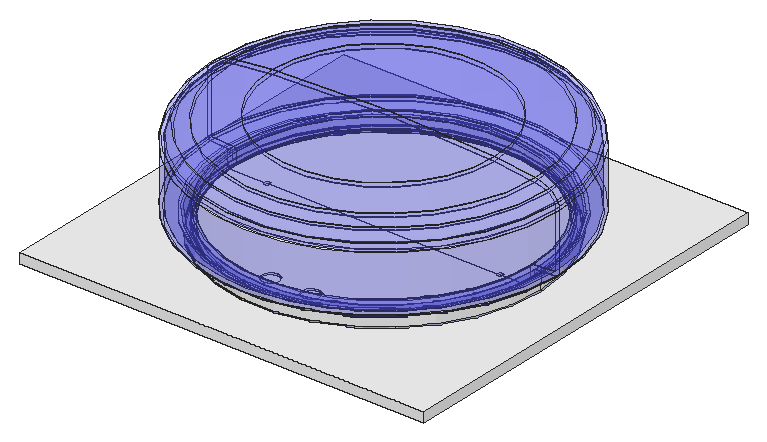
Revit family "BE_50042P_de_DE", category Leuchten, Revit 2020
Family settings
  Basisbauteil = Fläche
  Bemaßung runder Anschluss = Durchmesser verwenden
  Teiletyp = Normal
  Beim Laden mit Abzugskörper schneiden = Ja
  Lichtquelle = Ja
  Gemeinsam genutzt = Nein
  Raumberechnungspunkt = Ja
Parameters (values of type "BEGA_50042P_K3")
  built-in parameter 1150104 = 11.604 (stored number, unit not read)
  Wattage = 26.9 W
  Default Elevation = 0 mm
  built-in parameter 1150113 = 1 (stored number, unit not read)
  built-in parameter 1114218 = 1 (stored number, unit not read)
  Umgebungstemperatur = "25 °C"
  URL = "https://www.bega.com/de/produkt/50042P"
  Typenkommentare = "© 2022 BEGA. Wir behalten uns das Recht vor, technische Änderungen ohne vorherige Ankündigung vorzunehmen."  # constant formula
  built-in parameter 1150134 = (empty or 0)
  built-in parameter 1150109 = 1 (stored number, unit not read)
  Strom = ""
  built-in parameter 1150110 = 1 (stored number, unit not read)
  Spannung = 230 V
  Sonderanfertigung = no
  Seriennummer [instance] = "Hier können Sie die eindeutige Seriennummer für das Facility Management eintragen."
  Schutzklasse = "I"
  Schutzart = "IP 20"
  Scheinlast = 0 VA
  Produktdatenblatt = "http://www.bega.de/download/Xrfa/db/50042P.db.de.pdf"
  Oberflächentemperatur = ""
  Neigungswinkel = 0.00°
  Model = "50042PK2"
  Material_17 = BEGA_Reflektor
  Material_15 = BEGA_Leuchtmedium_matt
  Material_14 = BEGA_Kunststoff_opal
  Material_11 = BEGA_Glas_opal
  Material_09 = BEGA_Glas_klar
  Material_06 = BEGA_Oberfläche_Edelstahl_gebürstet
  Material_03 = BEGA_Oberfläche_Weiss_matt
  Material_02 = BEGA_Oberfläche_Silber_matt
  Material_01 [instance] = BEGA_Oberfläche_Grafit_matt
  M_W = no
  M_G = no
  M_A = no
  Logo = 0
  built-in parameter 1114217 = 1 (stored number, unit not read)
  built-in parameter 1150139 = (empty or 0)
  built-in parameter 1150105 = 839.66 (stored number, unit not read)
  built-in parameter 1150114 = 1 (stored number, unit not read)
  Lumens = 3359.81 lm
  built-in parameter 1150115 = 1 (stored number, unit not read)
  Leuchtenlichtstrom = "2863 lm"
  Leuchtenanzahl = ""
  Lebensdauerkriterien = "L70B50 @ 25 °C = 106000 h"
  Lastklassifizierung = Beleuchtung
  built-in parameter 1150112 = 1 (stored number, unit not read)
  Lampenlichtstrom = "3360 lm"
  Lamp = "LED 26.9 W"
  LED_Modulbezeichnung = "LED-0510/927"
  Hersteller = "BEGA"  # constant formula
  Halbstreuwinkel = ""
  Gewicht = "2.12 kg"
  Gebrauchslageneinschränkung [instance] = ""
  Frequenz = "50 Hz"
  Farbwiedergabeindex = "CRI > 90"
  Farbtemperaturverschiebung bei Dämpfen der Lampe = <Keine Auswahl>
  Farbtemperatur = "2700 K"
  Color Filter = 16777215
  built-in parameter 1150133 = 10 (stored number, unit not read)
  Energieeffizienzklasse = "LED A++ - A"
  built-in parameter 1150137 = (empty or 0)
  built-in parameter 1150132 = (empty or 0)
  ENEC = ""
  Dimmbar [instance] = ""
  Photometric Web File = "BE_50042PK2.IES"
  CE_Konformität = "ja"
  Bestellnummer = "50042PK2"
  Beschreibung_Sonderanfertigung = "Hier können Sie Informationen zur Sonderanfertigung eintragen."
  Beschreibung = "Decken- und Wandleuchte"
  built-in parameter 1150106 = 8.3966 (stored number, unit not read)
  Befestigungsbohrung = "Ø 5,5 mm"
  Befestigungsabstand = "230 mm"
  Ballwurfsicher = ""
  BEGA_Intern_aus = yes
  BEGA_Intern_an = yes
  BEGA_Intern_Konstruktion = yes
  BEGA_Intern = yes
  BEGA_IES = yes
  BEGA_Dummy = no
  Anschlussleitung = ""
  Anschlussleistung [instance] = "32.6 W"
  Anschlusskasten = ""
  built-in parameter 1150107 = 2700 (stored number, unit not read)
  built-in parameter 1150102 = (empty or 0)
  built-in parameter 1150138 = (empty or 0)
  Aktualisierung = "2020-05-11T04:00:10"
  Abstand_zur_angestrahlten_Fläche [instance] = ""
  AC/DC = "AC"
Types (3, lengths in mm): name | built-in parameter 1150104 | built-in parameter 1150134 | Model | built-in parameter 1150105 | Lumens | Leuchtenlichtstrom | Lampenlichtstrom | LED_Modulbezeichnung | Farbtemperatur | Photometric Web File | Bestellnummer | built-in parameter 1150106 | built-in parameter 1150107
  BEGA_50042P_K3 | 11.687 (stored number, unit not read) | (empty or 0) | "50042PK3" | 845.71 (stored number, unit not read) | 3384.02 lm | "3384 lm" | "3970 lm" | "LED-0510/930" | "3000 K" | "BE_50042PK3.IES" | "50042PK3" | 8.4571 (stored number, unit not read) | 3000 (stored number, unit not read)
  BEGA_50042P_K4 | 12.124 (stored number, unit not read) | 12 | "50042PK4" | 279.35 (stored number, unit not read) | 3510.45 lm | "3522 lm" | "4135 lm" | "LED-0510/940" | "4000 K" | "BE_50042PK4.IES" | "50042PK4" | 2.7935 (stored number, unit not read) | 4000 (stored number, unit not read)
  BEGA_50042P_K27 | 12.124 (stored number, unit not read) | 12 | "50042PK27" | 279.35 (stored number, unit not read) | 3510.45 lm | "3276 lm" | "3845 lm" | "LED-0510/927" | "2700 K" | "BE_50042PK27.IES" | "50042PK27" | 2.7935 (stored number, unit not read) | 4000 (stored number, unit not read)
Reference planes
  plane 1 "Mitte (Vorne/Hinten)": y = 0
  plane 2: z = 0
  plane 3 "Mitte (Links/Rechts)": x = 0
  plane 4 "Links": x = -174
  plane 5 "Rechts": x = 174
  plane 6 "Unten": y = -174
  plane 7 "Oben": y = 174
  plane 8 "Vorne": z = 109.9
  plane 9 "Hinten": z = 0
Forms (mm)
  Extrusion 1, solid, material "BEGA_Platte_Weiss"
    sketch origin (0, -1119.2, 0) x (1, 0, 0) y (0, 1, 0)
      loop
        line (-200, 1319.2) -> (-200, 919.2) -> (200, 919.2) -> (200, 1319.2) -> (-200, 1319.2)
    from 0 to -10
  Extrusion 2, solid, material "BEGA_Dummy_matt", visible <- "BEGA_Dummy"
    sketch origin (77.149, -76.023, 0) x (1, 0, 0) y (0, 1, 0)
      loop
        circle (-77.149, 76.023) r 174
    from 0 to 109.9
Dimensions and locks
  plane 1 "Mitte (Vorne/Hinten)" to Extrusion 1 = 200 mm
  aligned and locked: plane 2 to Extrusion 1
  aligned and locked: level to Extrusion 1
Nested families
  nested 1: "BE_50042P" at (0, 0, 0) x (0, -1, 0) z (0, 0, 1), type "BE_50042P"
Connectors
  electrical at (0, 0, 0), driven by "Lastklassifizierung", driven by "Spannung", driven by "Scheinlast"
    settings: index 1, voltage 230 V, apparent load 0 VA, apparent load phase1 0 VA, apparent load phase2 0 VA, apparent load phase3 0 VA, power factor 1, load classification "Beleuchtung", number of poles 1, system type 31, power factor state 1, is connector primary yes, connector utility no, sub classification motor no, connector description ""
Definition of nested family "BE_50042P"
  Parameters (values of type "BE_50042P")
    Default Elevation = 1 mm
    URL = "http://www.bega.de/de/produkt"
    Type Comments = "© 2015 BEGA. Wir behalten uns das Recht vor, technische Änderungen ohne vorherige Ankündigung vorzunehmen. "  # constant formula
    Type Image = (empty or 0)
    Neigungswinkel_um_Z2 = 0.00°
    Neigungswinkel_um_Z1 = 0.00°
    Neigungswinkel_um_Y2 = 0.00°
    Neigungswinkel_um_Y1 = 0.00°
    Neigungswinkel_um_X2 = 0.00°
    Neigungswinkel_um_X1 = 0.00°
    Material_17 = none
    Material_15 = none
    Material_14 = none
    Material_11 = none
    Material_09 = none
    Material_06 = none
    Material_05 = none
    Material_03 = none
    Material_02 = none
    Material_01 = none
    M_W = yes
    M_G = yes
    M_A = yes
    Länge_Platte = 400 mm  # constant formula
    Höhe_Platte = -10 mm  # constant formula
    Manufacturer = "BEGA"  # constant formula
    Drehwinkel_um_Z2 = 0.00°
    Drehwinkel_um_Z1 = 0.00°
    Breite_Platte = 400 mm  # constant formula
  Reference planes
    plane 1 "Mitte (Oben/Unten)": y = 0
    plane 2: z = 0
    plane 3 "Mitte (Links/Rechts)": x = 0
    plane 4: y = 174
    plane 5: z = 109.9
    plane 6: y = -174
    plane 7: x = -174
    plane 8: x = 174
  Forms (mm)
    Extrusion 1, solid, detail levels medium
      sketch origin (0, 0, 0) x (1, 0, 0) y (0, 1, 0)
        loop
          line (-200, 200) -> (-200, -200) -> (200, -200) -> (200, 200) -> (-200, 200)
      from 0 to -10 <- "Höhe_Platte"
    Revolve 2, solid, material <- "Material_03", detail levels medium+fine
      sketch origin (0, 0, 0) x (0, 1, 0) y (0, 0, 1)
        loop
          line (159, 19.8) -> (159, 20.8) -> (156.831, 20.8)
          arc (156.831, 20.8) -> (155.563, 20.284) -> (155.024, 19.025) r 1.8
          line (155.024, 19.025) -> (154.767, 4.283)
          arc (154.767, 4.283) -> (154.468, 3.587) -> (153.767, 3.3) r 1
          line (153.767, 3.3) -> (0, 3.3) -> (0, 2.3) -> (153.767, 2.3)
          arc (153.767, 2.3) -> (155.169, 2.873) -> (155.767, 4.265) r 2
          line (155.767, 4.265) -> (156.024, 19.01)
          arc (156.024, 19.01) -> (156.264, 19.571) -> (156.829, 19.8) r 0.8
          line (156.829, 19.8) -> (159, 19.8)
        axis (0, 2.3) -> (0, 20.8)
      angle from 0 to 360
    Revolve 3, solid, material <- "Material_03", detail levels medium+fine
      sketch origin (0, 0, 0) x (0, 1, 0) y (0, 0, 1)
        loop
          arc (124.13, 1.943) -> (124.474, 2.206) -> (124.896, 2.3) r 1
          line (124.896, 2.3) -> (125.896, 3.3) -> (117.75, 3.3) -> (117.75, 0) -> (121.108, 0)
          arc (121.108, 0) -> (122.369, 0.281) -> (123.395, 1.067) r 3
          line (123.395, 1.067) -> (124.13, 1.943)
        axis (115, 3.3) -> (115, 0)
      angle from 0 to 360
    Extrusion 4, void
      sketch origin (0, 0, 0) x (1, 0, 0) y (0, 1, 0)
        loop
          circle (115, 20) r 8.5
        loop
          circle (0, 115) r 2.75
        loop
          circle (0, -115) r 2.75
        loop
          circle (115, -20) r 8.5
      from 0 to 7.205
    Revolve 5, solid, material <- "Material_14", detail levels medium+fine
      sketch origin (0, 0, 0) x (0, 1, 0) y (0, 0, 1)
        loop
          arc (150.036, 101.343) -> (130.076, 104.141) -> (110.006, 106.001) r 430
          arc (110.006, 106.001) -> (55.038, 108.925) -> (0, 109.9) r 1553.99
          line (0, 109.9) -> (0, 105.9)
          arc (0, 105.9) -> (54.9, 104.927) -> (109.731, 102.01) r 1549.989
          arc (109.731, 102.01) -> (129.596, 100.17) -> (149.352, 97.401) r 426
          arc (149.352, 97.401) -> (156.196, 95.732) -> (162.704, 93.037) r 46
          arc (162.704, 93.037) -> (166.507, 90.109) -> (168.988, 86) r 13
          arc (168.988, 86) -> (169.743, 83.257) -> (170, 80.424) r 16
          line (170, 80.424) -> (170, 25.506) -> (148.791, 24.394)
          arc (148.791, 24.394) -> (146.425, 23.461) -> (145.1, 21.289) r 4
          line (145.1, 21.289) -> (145.1, 11.074)
          arc (145.1, 11.074) -> (145.5, 9.577) -> (146.592, 8.479) r 3.001
          line (146.592, 8.479) -> (148.263, 7.514)
          arc (148.263, 7.514) -> (149.358, 6.407) -> (149.75, 4.9) r 3.002
          line (149.75, 4.9) -> (153.75, 4.9) -> (153.75, 8.384)
          arc (153.75, 8.384) -> (153.617, 8.887) -> (153.25, 9.256) r 1
          line (153.25, 9.256) -> (149.499, 11.421)
          arc (149.499, 11.421) -> (149.133, 11.787) -> (148.999, 12.287) r 1
          line (148.999, 12.287) -> (149, 19.451)
          arc (149, 19.451) -> (149.272, 20.136) -> (149.94, 20.449) r 1
          line (149.94, 20.449) -> (171.157, 21.561)
          arc (171.157, 21.561) -> (173.176, 22.492) -> (174, 24.557) r 3
          line (174, 24.557) -> (174, 80.418)
          arc (174, 80.418) -> (173.68, 83.965) -> (172.735, 87.4) r 20
          arc (172.735, 87.4) -> (169.48, 92.785) -> (164.489, 96.617) r 17
          arc (164.489, 96.617) -> (157.443, 99.532) -> (150.036, 101.343) r 50
        axis (0, 109.9) -> (0, 4.9)
      angle from 0 to 360
    Revolve 6, solid, material <- "Material_03", detail levels medium+fine
      sketch origin (0, 0, 0) x (0, -1, 0) y (0, 0, 1)
        loop
          arc (124.13, 1.943) -> (124.474, 2.206) -> (124.896, 2.3) r 1
          line (124.896, 2.3) -> (125.896, 3.3) -> (117.75, 3.3) -> (117.75, 0) -> (121.108, 0)
          arc (121.108, 0) -> (122.369, 0.281) -> (123.395, 1.067) r 3
          line (123.395, 1.067) -> (124.13, 1.943)
        axis (115, 3.3) -> (115, 0)
      angle from 0 to 360
  Cuts and joins
    Extrusion 4 cuts Revolve 2
    Extrusion 4 cuts Revolve 3
    joined: Revolve 2, Revolve 3, Revolve 6
  Dimensions and locks
    equal spacing: Extrusion 1 sketch curve, plane 3 "Mitte (Links/Rechts)", Extrusion 1 sketch curve
    equal spacing: Extrusion 1 sketch curve, plane 1 "Mitte (Oben/Unten)", Extrusion 1 sketch curve
    "Länge_Platte": Extrusion 1 sketch curve to Extrusion 1 sketch curve
    "Breite_Platte": Extrusion 1 sketch curve to Extrusion 1 sketch curve
    aligned and locked: plane 2 to Extrusion 1
    aligned and locked: level to Extrusion 1
  Automatic sketch dimensions
    Revolve 2 sketch curve to Revolve 2 sketch curve = 0 mm  (x10)
    Revolve 2 sketch curve to plane 1 "Mitte (Oben/Unten)" = 0 mm  (x2)
    level to Revolve 2 sketch curve = 4.3 mm
    level to Revolve 2 sketch curve = 4.283 mm
    Revolve 2 sketch curve to Revolve 2 sketch curve = 1 mm  (x4)
    Revolve 2 sketch curve to Revolve 2 sketch curve = 0.257 mm
    level to Revolve 2 sketch curve = 4.265 mm
    Revolve 2 sketch curve to Revolve 2 sketch curve = 0.8 mm
    Revolve 2 sketch curve to Revolve 2 sketch curve = 0.004 mm
    Revolve 2 sketch curve to Revolve 2 sketch curve = 0.002 mm
    Revolve 2 sketch curve to Revolve 2 sketch curve = 2.169 mm
    Revolve 2 sketch curve to Revolve 2 sketch curve = 14.735 mm
    Revolve 2 sketch curve to Revolve 2 sketch curve = 0.01 mm
    Revolve 2 sketch curve to Revolve 2 sketch curve = 0.015 mm
    Revolve 2 sketch curve to Revolve 2 sketch curve = 4 mm
    Revolve 3 sketch curve to level = 0 mm
    level to Revolve 3 sketch curve = 3.3 mm
    Revolve 3 sketch curve to Revolve 3 sketch curve = 3.351 mm
    Revolve 3 sketch curve to Revolve 3 sketch curve = 0.007 mm
    level to Revolve 3 sketch curve = 1.067 mm
    level to Revolve 3 sketch curve = 1.3 mm
    Revolve 3 sketch curve to Revolve 3 sketch curve = 1 mm  (x2)
    Revolve 3 sketch curve to Revolve 3 sketch curve = 2.75 mm
    Revolve 3 sketch curve to Revolve 3 sketch curve = 0.766 mm
    Revolve 3 sketch curve to Revolve 3 sketch curve = 0 mm  (x3)
    Revolve 3 sketch curve to level = 2.001 mm
    Revolve 3 sketch curve to Revolve 3 sketch curve = 2 mm
    Revolve 6 sketch curve to level = 0 mm
    Revolve 6 sketch curve to level = 3.3 mm
    Revolve 6 sketch curve to Revolve 6 sketch curve = 3.351 mm
    Revolve 6 sketch curve to Revolve 6 sketch curve = 0.007 mm
    Revolve 6 sketch curve to level = 1.067 mm
    Revolve 6 sketch curve to level = 1.3 mm
    Revolve 6 sketch curve to Revolve 6 sketch curve = 1 mm  (x2)
    Revolve 6 sketch curve to Revolve 6 sketch curve = 2.75 mm
    Revolve 6 sketch curve to Revolve 6 sketch curve = 0.766 mm
    Revolve 6 sketch curve to Revolve 6 sketch curve = 0 mm  (x3)
    level to Revolve 6 sketch curve = 2.001 mm
    Revolve 6 sketch curve to Revolve 6 sketch curve = 2 mm
    Extrusion 4 sketch curve to plane 3 "Mitte (Links/Rechts)" = 0 mm  (x2)
    plane 1 "Mitte (Oben/Unten)" to Extrusion 4 sketch curve = 20 mm
    Extrusion 4 sketch curve to plane 1 "Mitte (Oben/Unten)" = 20 mm
    Revolve 5 sketch curve to Revolve 5 sketch curve = 0 mm  (x33)
    plane 1 "Mitte (Oben/Unten)" to Revolve 5 sketch curve = 0.01 mm
    plane 1 "Mitte (Oben/Unten)" to Revolve 5 sketch curve = 0 mm
    level to Revolve 5 sketch curve = 8.479 mm
    Revolve 5 sketch curve to Revolve 5 sketch curve = 1.492 mm
    Revolve 5 sketch curve to Revolve 5 sketch curve = 0.156 mm
    Revolve 5 sketch curve to Revolve 5 sketch curve = 1.509 mm
    level to Revolve 5 sketch curve = 7.514 mm
    Revolve 5 sketch curve to Revolve 5 sketch curve = 1.671 mm
    Revolve 5 sketch curve to Revolve 5 sketch curve = 3.9 mm
    level to Revolve 5 sketch curve = 11.421 mm
    Revolve 5 sketch curve to Revolve 5 sketch curve = 1.397 mm
    Revolve 5 sketch curve to Revolve 5 sketch curve = 3.001 mm
    Revolve 5 sketch curve to Revolve 5 sketch curve = 0.94 mm
    Revolve 5 sketch curve to Revolve 5 sketch curve = 1 mm  (x3)
    Revolve 5 sketch curve to Revolve 5 sketch curve = 0.501 mm
    Revolve 5 sketch curve to Revolve 5 sketch curve = 3.251 mm
    Revolve 5 sketch curve to Revolve 5 sketch curve = 2.81 mm
    Revolve 5 sketch curve to Revolve 5 sketch curve = 20.06 mm
    Revolve 5 sketch curve to Revolve 5 sketch curve = 4 mm  (x2)
    Revolve 5 sketch curve to Revolve 5 sketch curve = 2.591 mm
    Revolve 5 sketch curve to level = 322.977 mm
    Revolve 5 sketch curve to Revolve 5 sketch curve = 1121.112 mm
    Revolve 5 sketch curve to Revolve 5 sketch curve = 0.001 mm
    Revolve 5 sketch curve to Revolve 5 sketch curve = 3.485 mm
    Revolve 5 sketch curve to Revolve 5 sketch curve = 0.005 mm
    Revolve 5 sketch curve to Revolve 5 sketch curve = 0.348 mm
    Revolve 5 sketch curve to Revolve 5 sketch curve = 0.866 mm
    Revolve 5 sketch curve to Revolve 5 sketch curve = 7.164 mm
    Revolve 5 sketch curve to Revolve 5 sketch curve = 0.049 mm
    Revolve 5 sketch curve to Revolve 5 sketch curve = 0.889 mm
    Revolve 5 sketch curve to Revolve 5 sketch curve = 4.108 mm
    Revolve 5 sketch curve to Revolve 5 sketch curve = 0.949 mm
    Revolve 5 sketch curve to Revolve 5 sketch curve = 28.392 mm
    Revolve 5 sketch curve to Revolve 5 sketch curve = 0.006 mm
    Revolve 5 sketch curve to Revolve 5 sketch curve = 1.05 mm
    Revolve 5 sketch curve to Revolve 5 sketch curve = 0.275 mm
    Revolve 5 sketch curve to Revolve 5 sketch curve = 0.209 mm
    Revolve 5 sketch curve to Revolve 5 sketch curve = 0.5 mm  (x2)
    Revolve 5 sketch curve to Revolve 5 sketch curve = 0.683 mm
    level to Revolve 5 sketch curve = 9.256 mm
    Revolve 5 sketch curve to Revolve 5 sketch curve = 5.894 mm
    Revolve 5 sketch curve to Revolve 5 sketch curve = 1.785 mm
    Revolve 5 sketch curve to Revolve 5 sketch curve = 1.012 mm
    Revolve 5 sketch curve to Revolve 5 sketch curve = 0.157 mm
    level to Revolve 5 sketch curve = 21.561 mm
    Revolve 5 sketch curve to Revolve 5 sketch curve = 3.747 mm
    Revolve 5 sketch curve to Revolve 5 sketch curve = 27.614 mm
    Revolve 5 sketch curve to Revolve 5 sketch curve = 1.032 mm
    level to Revolve 5 sketch curve = 105.9 mm
    Revolve 5 sketch curve to Revolve 5 sketch curve = 13.352 mm
    Revolve 5 sketch curve to Revolve 5 sketch curve = 40 mm
    plane 3 "Mitte (Links/Rechts)" to Extrusion 4 sketch curve = 115 mm
    Extrusion 4 sketch curve to Extrusion 4 sketch curve = 0 mm
    plane 4 to Revolve 2 sketch curve = 20.233 mm
    plane 4 to Revolve 3 sketch curve = 56.25 mm
    Revolve 3 sketch curve to Revolve 3 sketch curve = 2.287 mm
    Revolve 3 sketch curve to Revolve 3 sketch curve = 1.501 mm
    plane 4 to Extrusion 4 sketch curve = 59 mm
    Revolve 5 sketch curve to plane 4 = 0 mm
    Revolve 5 sketch curve to plane 1 "Mitte (Oben/Unten)" = 80.374 mm
    Revolve 5 sketch curve to Revolve 5 sketch curve = 6.887 mm
    Revolve 5 sketch curve to Revolve 5 sketch curve = 14.988 mm
    plane 5 to Revolve 5 sketch curve = 7.89 mm
    plane 6 to Extrusion 4 sketch curve = 59 mm
    Revolve 6 sketch curve to plane 6 = 56.25 mm
    Revolve 6 sketch curve to Revolve 6 sketch curve = 2.287 mm
    Revolve 6 sketch curve to Revolve 6 sketch curve = 1.501 mm
    radius of Extrusion 4 sketch curve = 8.5 mm  (x2)
    radius of Extrusion 4 sketch curve = 2.75 mm  (x2)
